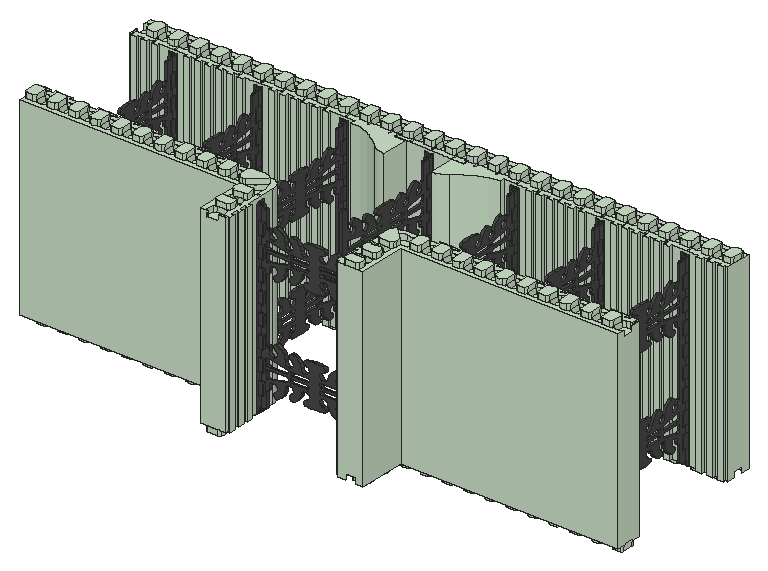
Revit family "ICF- NUDURA 10-inch- Short T Form Unit- Imperial", category Generic Models, Revit 2010 (continued)
Forms (in)
  Extrusion 45, solid, material "NUDURA Expanded Polystyrene Foam Insulation"
    sketch origin (4, -4, 0) x (1, 0, 0) y (0, 1, 0)
      loop
        arc (5.82692, -5.13593) -> (5.95215, -5.04515) -> (6, -4.89806) r 0.25
        line (6, -4.89806) -> (6, -3.9769)
    from 0 to -0.5
  Extrusion 46, void
    sketch origin (7.99998, -0.00002, 0) x (0, -1, 0) y (1, 0, 0)
      loop
        arc (-5.13595, -25.17306) -> (-5.1875, -25.49998) -> (-5.13595, -25.8269) r 1.0625
        arc (-5.13595, -25.8269) -> (-5.04517, -25.95213) -> (-4.89808, -25.99998) r 0.25
        line (-4.89808, -25.99998) -> (-3.97692, -25.99998)
        arc (-3.97692, -25.99998) -> (-3.88568, -25.98274) -> (-3.80702, -25.93338) r 0.25
        arc (-3.80702, -25.93338) -> (-3.78736, -25.92104) -> (-3.76455, -25.91673) r 0.0625
        line (-3.76455, -25.91673) -> (-3.41845, -25.91673) -> (-3.41845, -25.7459) -> (-3.64005, -25.7459)
        arc (-3.64005, -25.7459) -> (-3.68771, -25.72383) -> (-3.70172, -25.67321) r 0.0625
        arc (-3.70172, -25.67321) -> (-3.69045, -25.4209) -> (-3.73905, -25.17306) r 1.0625
        arc (-3.73905, -25.17306) -> (-3.82983, -25.04783) -> (-3.97692, -24.99998) r 0.25
        line (-3.97692, -24.99998) -> (-4.89808, -24.99998)
        arc (-4.89808, -24.99998) -> (-5.04517, -25.04783) -> (-5.13595, -25.17306) r 0.25
    from 18 to 17.5
  Extrusion 47, void
    sketch origin (9.99998, -0.00002, 0) x (0, -1, 0) y (1, 0, 0)
      loop
        arc (-5.13595, -25.17306) -> (-5.1875, -25.49998) -> (-5.13595, -25.8269) r 1.0625
        arc (-5.13595, -25.8269) -> (-5.04517, -25.95213) -> (-4.89808, -25.99998) r 0.25
        line (-4.89808, -25.99998) -> (-3.97692, -25.99998)
        arc (-3.97692, -25.99998) -> (-3.88568, -25.98274) -> (-3.80702, -25.93338) r 0.25
        arc (-3.80702, -25.93338) -> (-3.78736, -25.92104) -> (-3.76455, -25.91673) r 0.0625
        line (-3.76455, -25.91673) -> (-3.41845, -25.91673) -> (-3.41845, -25.7459) -> (-3.64005, -25.7459)
        arc (-3.64005, -25.7459) -> (-3.68771, -25.72383) -> (-3.70172, -25.67321) r 0.0625
        arc (-3.70172, -25.67321) -> (-3.69045, -25.4209) -> (-3.73905, -25.17306) r 1.0625
        arc (-3.73905, -25.17306) -> (-3.82983, -25.04783) -> (-3.97692, -24.99998) r 0.25
        line (-3.97692, -24.99998) -> (-4.89808, -24.99998)
        arc (-4.89808, -24.99998) -> (-5.04517, -25.04783) -> (-5.13595, -25.17306) r 0.25
    from 18 to 17.5
  Extrusion 48, void
    sketch origin (11.99998, -0.00002, 0) x (0, -1, 0) y (1, 0, 0)
      loop
        arc (-5.13595, -25.17306) -> (-5.1875, -25.49998) -> (-5.13595, -25.8269) r 1.0625
        arc (-5.13595, -25.8269) -> (-5.04517, -25.95213) -> (-4.89808, -25.99998) r 0.25
        line (-4.89808, -25.99998) -> (-3.97692, -25.99998)
        arc (-3.97692, -25.99998) -> (-3.88568, -25.98274) -> (-3.80702, -25.93338) r 0.25
        arc (-3.80702, -25.93338) -> (-3.78736, -25.92104) -> (-3.76455, -25.91673) r 0.0625
        line (-3.76455, -25.91673) -> (-3.41845, -25.91673) -> (-3.41845, -25.7459) -> (-3.64005, -25.7459)
        arc (-3.64005, -25.7459) -> (-3.68771, -25.72383) -> (-3.70172, -25.67321) r 0.0625
        arc (-3.70172, -25.67321) -> (-3.69045, -25.4209) -> (-3.73905, -25.17306) r 1.0625
        arc (-3.73905, -25.17306) -> (-3.82983, -25.04783) -> (-3.97692, -24.99998) r 0.25
        line (-3.97692, -24.99998) -> (-4.89808, -24.99998)
        arc (-4.89808, -24.99998) -> (-5.04517, -25.04783) -> (-5.13595, -25.17306) r 0.25
    from 18 to 17.5
  Extrusion 49, void
    sketch origin (13.99998, -0.00002, 0) x (0, -1, 0) y (1, 0, 0)
      loop
        arc (-5.13595, -25.17306) -> (-5.1875, -25.49998) -> (-5.13595, -25.8269) r 1.0625
        arc (-5.13595, -25.8269) -> (-5.04517, -25.95213) -> (-4.89808, -25.99998) r 0.25
        line (-4.89808, -25.99998) -> (-3.97692, -25.99998)
        arc (-3.97692, -25.99998) -> (-3.88568, -25.98274) -> (-3.80702, -25.93338) r 0.25
        arc (-3.80702, -25.93338) -> (-3.78736, -25.92104) -> (-3.76455, -25.91673) r 0.0625
        line (-3.76455, -25.91673) -> (-3.41845, -25.91673) -> (-3.41845, -25.7459) -> (-3.64005, -25.7459)
        arc (-3.64005, -25.7459) -> (-3.68771, -25.72383) -> (-3.70172, -25.67321) r 0.0625
        arc (-3.70172, -25.67321) -> (-3.69045, -25.4209) -> (-3.73905, -25.17306) r 1.0625
        arc (-3.73905, -25.17306) -> (-3.82983, -25.04783) -> (-3.97692, -24.99998) r 0.25
        line (-3.97692, -24.99998) -> (-4.89808, -24.99998)
        arc (-4.89808, -24.99998) -> (-5.04517, -25.04783) -> (-5.13595, -25.17306) r 0.25
    from 18 to 17.5
  Extrusion 50, void
    sketch origin (5.99998, -0.00002, 0) x (0, -1, 0) y (1, 0, 0)
      loop
        arc (-5.13595, -25.17306) -> (-5.1875, -25.49998) -> (-5.13595, -25.8269) r 1.0625
        arc (-5.13595, -25.8269) -> (-5.04517, -25.95213) -> (-4.89808, -25.99998) r 0.25
        line (-4.89808, -25.99998) -> (-3.97692, -25.99998)
        arc (-3.97692, -25.99998) -> (-3.88568, -25.98274) -> (-3.80702, -25.93338) r 0.25
        arc (-3.80702, -25.93338) -> (-3.78736, -25.92104) -> (-3.76455, -25.91673) r 0.0625
        line (-3.76455, -25.91673) -> (-3.41845, -25.91673) -> (-3.41845, -25.7459) -> (-3.64005, -25.7459)
        arc (-3.64005, -25.7459) -> (-3.68771, -25.72383) -> (-3.70172, -25.67321) r 0.0625
        arc (-3.70172, -25.67321) -> (-3.69045, -25.4209) -> (-3.73905, -25.17306) r 1.0625
        arc (-3.73905, -25.17306) -> (-3.82983, -25.04783) -> (-3.97692, -24.99998) r 0.25
        line (-3.97692, -24.99998) -> (-4.89808, -24.99998)
        arc (-4.89808, -24.99998) -> (-5.04517, -25.04783) -> (-5.13595, -25.17306) r 0.25
    from 18 to 17.5
  Extrusion 51, void
    sketch origin (-0.00002, -0.00002, 0) x (0, -1, 0) y (1, 0, 0)
      loop
        arc (-5.13595, -25.17306) -> (-5.1875, -25.49998) -> (-5.13595, -25.8269) r 1.0625
        arc (-5.13595, -25.8269) -> (-5.04517, -25.95213) -> (-4.89808, -25.99998) r 0.25
        line (-4.89808, -25.99998) -> (-3.97692, -25.99998)
        arc (-3.97692, -25.99998) -> (-3.88568, -25.98274) -> (-3.80702, -25.93338) r 0.25
        arc (-3.80702, -25.93338) -> (-3.78736, -25.92104) -> (-3.76455, -25.91673) r 0.0625
        line (-3.76455, -25.91673) -> (-3.41845, -25.91673) -> (-3.41845, -25.7459) -> (-3.64005, -25.7459)
        arc (-3.64005, -25.7459) -> (-3.68771, -25.72383) -> (-3.70172, -25.67321) r 0.0625
        arc (-3.70172, -25.67321) -> (-3.69045, -25.4209) -> (-3.73905, -25.17306) r 1.0625
        arc (-3.73905, -25.17306) -> (-3.82983, -25.04783) -> (-3.97692, -24.99998) r 0.25
        line (-3.97692, -24.99998) -> (-4.89808, -24.99998)
        arc (-4.89808, -24.99998) -> (-5.04517, -25.04783) -> (-5.13595, -25.17306) r 0.25
    from 18 to 17.5
  Extrusion 52, void
    sketch origin (1.99998, -0.00002, 0) x (0, -1, 0) y (1, 0, 0)
      loop
        arc (-5.13595, -25.17306) -> (-5.1875, -25.49998) -> (-5.13595, -25.8269) r 1.0625
        arc (-5.13595, -25.8269) -> (-5.04517, -25.95213) -> (-4.89808, -25.99998) r 0.25
        line (-4.89808, -25.99998) -> (-3.97692, -25.99998)
        arc (-3.97692, -25.99998) -> (-3.88568, -25.98274) -> (-3.80702, -25.93338) r 0.25
        arc (-3.80702, -25.93338) -> (-3.78736, -25.92104) -> (-3.76455, -25.91673) r 0.0625
        line (-3.76455, -25.91673) -> (-3.41845, -25.91673) -> (-3.41845, -25.7459) -> (-3.64005, -25.7459)
        arc (-3.64005, -25.7459) -> (-3.68771, -25.72383) -> (-3.70172, -25.67321) r 0.0625
        arc (-3.70172, -25.67321) -> (-3.69045, -25.4209) -> (-3.73905, -25.17306) r 1.0625
        arc (-3.73905, -25.17306) -> (-3.82983, -25.04783) -> (-3.97692, -24.99998) r 0.25
        line (-3.97692, -24.99998) -> (-4.89808, -24.99998)
        arc (-4.89808, -24.99998) -> (-5.04517, -25.04783) -> (-5.13595, -25.17306) r 0.25
    from 18 to 17.5
  Extrusion 53, void
    sketch origin (3.99998, -0.00002, 0) x (0, -1, 0) y (1, 0, 0)
      loop
        arc (-5.13595, -25.17306) -> (-5.1875, -25.49998) -> (-5.13595, -25.8269) r 1.0625
        arc (-5.13595, -25.8269) -> (-5.04517, -25.95213) -> (-4.89808, -25.99998) r 0.25
        line (-4.89808, -25.99998) -> (-3.97692, -25.99998)
        arc (-3.97692, -25.99998) -> (-3.88568, -25.98274) -> (-3.80702, -25.93338) r 0.25
        arc (-3.80702, -25.93338) -> (-3.78736, -25.92104) -> (-3.76455, -25.91673) r 0.0625
        line (-3.76455, -25.91673) -> (-3.41845, -25.91673) -> (-3.41845, -25.7459) -> (-3.64005, -25.7459)
        arc (-3.64005, -25.7459) -> (-3.68771, -25.72383) -> (-3.70172, -25.67321) r 0.0625
        arc (-3.70172, -25.67321) -> (-3.69045, -25.4209) -> (-3.73905, -25.17306) r 1.0625
        arc (-3.73905, -25.17306) -> (-3.82983, -25.04783) -> (-3.97692, -24.99998) r 0.25
        line (-3.97692, -24.99998) -> (-4.89808, -24.99998)
        arc (-4.89808, -24.99998) -> (-5.04517, -25.04783) -> (-5.13595, -25.17306) r 0.25
    from 18 to 17.5
  Extrusion 54, void
    sketch origin (-35.99998, -3.99998, 0) x (0, 1, 0) y (-1, 0, 0)
      loop
        arc (-5.13595, -25.17306) -> (-5.1875, -25.49998) -> (-5.13595, -25.8269) r 1.0625
        arc (-5.13595, -25.8269) -> (-5.04517, -25.95213) -> (-4.89808, -25.99998) r 0.25
        line (-4.89808, -25.99998) -> (-3.97692, -25.99998)
        arc (-3.97692, -25.99998) -> (-3.88568, -25.98274) -> (-3.80702, -25.93338) r 0.25
        arc (-3.80702, -25.93338) -> (-3.78736, -25.92104) -> (-3.76455, -25.91673) r 0.0625
        line (-3.76455, -25.91673) -> (-3.41845, -25.91673) -> (-3.41845, -25.7459) -> (-3.64005, -25.7459)
        arc (-3.64005, -25.7459) -> (-3.68771, -25.72383) -> (-3.70172, -25.67321) r 0.0625
        arc (-3.70172, -25.67321) -> (-3.69045, -25.4209) -> (-3.73905, -25.17306) r 1.0625
        arc (-3.73905, -25.17306) -> (-3.82983, -25.04783) -> (-3.97692, -24.99998) r 0.25
        line (-3.97692, -24.99998) -> (-4.89808, -24.99998)
        arc (-4.89808, -24.99998) -> (-5.04517, -25.04783) -> (-5.13595, -25.17306) r 0.25
    from 18 to 17.5
  Extrusion 55, void
    sketch origin (-37.99998, -3.99998, 0) x (0, 1, 0) y (-1, 0, 0)
      loop
        arc (-5.13595, -25.17306) -> (-5.1875, -25.49998) -> (-5.13595, -25.8269) r 1.0625
        arc (-5.13595, -25.8269) -> (-5.04517, -25.95213) -> (-4.89808, -25.99998) r 0.25
        line (-4.89808, -25.99998) -> (-3.97692, -25.99998)
        arc (-3.97692, -25.99998) -> (-3.88568, -25.98274) -> (-3.80702, -25.93338) r 0.25
        arc (-3.80702, -25.93338) -> (-3.78736, -25.92104) -> (-3.76455, -25.91673) r 0.0625
        line (-3.76455, -25.91673) -> (-3.41845, -25.91673) -> (-3.41845, -25.7459) -> (-3.64005, -25.7459)
        arc (-3.64005, -25.7459) -> (-3.68771, -25.72383) -> (-3.70172, -25.67321) r 0.0625
        arc (-3.70172, -25.67321) -> (-3.69045, -25.4209) -> (-3.73905, -25.17306) r 1.0625
        arc (-3.73905, -25.17306) -> (-3.82983, -25.04783) -> (-3.97692, -24.99998) r 0.25
        line (-3.97692, -24.99998) -> (-4.89808, -24.99998)
        arc (-4.89808, -24.99998) -> (-5.04517, -25.04783) -> (-5.13595, -25.17306) r 0.25
    from 18 to 17.5
  Extrusion 56, void
    sketch origin (-39.99998, -3.99998, 0) x (0, 1, 0) y (-1, 0, 0)
      loop
        arc (-5.13595, -25.17306) -> (-5.1875, -25.49998) -> (-5.13595, -25.8269) r 1.0625
        arc (-5.13595, -25.8269) -> (-5.04517, -25.95213) -> (-4.89808, -25.99998) r 0.25
        line (-4.89808, -25.99998) -> (-3.97692, -25.99998)
        arc (-3.97692, -25.99998) -> (-3.88568, -25.98274) -> (-3.80702, -25.93338) r 0.25
        arc (-3.80702, -25.93338) -> (-3.78736, -25.92104) -> (-3.76455, -25.91673) r 0.0625
        line (-3.76455, -25.91673) -> (-3.41845, -25.91673) -> (-3.41845, -25.7459) -> (-3.64005, -25.7459)
        arc (-3.64005, -25.7459) -> (-3.68771, -25.72383) -> (-3.70172, -25.67321) r 0.0625
        arc (-3.70172, -25.67321) -> (-3.69045, -25.4209) -> (-3.73905, -25.17306) r 1.0625
        arc (-3.73905, -25.17306) -> (-3.82983, -25.04783) -> (-3.97692, -24.99998) r 0.25
        line (-3.97692, -24.99998) -> (-4.89808, -24.99998)
        arc (-4.89808, -24.99998) -> (-5.04517, -25.04783) -> (-5.13595, -25.17306) r 0.25
    from 18 to 17.5
  Extrusion 57, void
    sketch origin (-41.99998, -3.99998, 0) x (0, 1, 0) y (-1, 0, 0)
      loop
        arc (-5.13595, -25.17306) -> (-5.1875, -25.49998) -> (-5.13595, -25.8269) r 1.0625
        arc (-5.13595, -25.8269) -> (-5.04517, -25.95213) -> (-4.89808, -25.99998) r 0.25
        line (-4.89808, -25.99998) -> (-3.97692, -25.99998)
        arc (-3.97692, -25.99998) -> (-3.88568, -25.98274) -> (-3.80702, -25.93338) r 0.25
        arc (-3.80702, -25.93338) -> (-3.78736, -25.92104) -> (-3.76455, -25.91673) r 0.0625
        line (-3.76455, -25.91673) -> (-3.41845, -25.91673) -> (-3.41845, -25.7459) -> (-3.64005, -25.7459)
        arc (-3.64005, -25.7459) -> (-3.68771, -25.72383) -> (-3.70172, -25.67321) r 0.0625
        arc (-3.70172, -25.67321) -> (-3.69045, -25.4209) -> (-3.73905, -25.17306) r 1.0625
        arc (-3.73905, -25.17306) -> (-3.82983, -25.04783) -> (-3.97692, -24.99998) r 0.25
        line (-3.97692, -24.99998) -> (-4.89808, -24.99998)
        arc (-4.89808, -24.99998) -> (-5.04517, -25.04783) -> (-5.13595, -25.17306) r 0.25
    from 18 to 17.5
  Extrusion 58, void
    sketch origin (-43.99998, -3.99998, 0) x (0, 1, 0) y (-1, 0, 0)
      loop
        arc (-5.13595, -25.17306) -> (-5.1875, -25.49998) -> (-5.13595, -25.8269) r 1.0625
        arc (-5.13595, -25.8269) -> (-5.04517, -25.95213) -> (-4.89808, -25.99998) r 0.25
        line (-4.89808, -25.99998) -> (-3.97692, -25.99998)
        arc (-3.97692, -25.99998) -> (-3.88568, -25.98274) -> (-3.80702, -25.93338) r 0.25
        arc (-3.80702, -25.93338) -> (-3.78736, -25.92104) -> (-3.76455, -25.91673) r 0.0625
        line (-3.76455, -25.91673) -> (-3.41845, -25.91673) -> (-3.41845, -25.7459) -> (-3.64005, -25.7459)
        arc (-3.64005, -25.7459) -> (-3.68771, -25.72383) -> (-3.70172, -25.67321) r 0.0625
        arc (-3.70172, -25.67321) -> (-3.69045, -25.4209) -> (-3.73905, -25.17306) r 1.0625
        arc (-3.73905, -25.17306) -> (-3.82983, -25.04783) -> (-3.97692, -24.99998) r 0.25
        line (-3.97692, -24.99998) -> (-4.89808, -24.99998)
        arc (-4.89808, -24.99998) -> (-5.04517, -25.04783) -> (-5.13595, -25.17306) r 0.25
    from 18 to 17.5
  Extrusion 59, void
    sketch origin (-45.99998, -3.99998, 0) x (0, 1, 0) y (-1, 0, 0)
      loop
        arc (-5.13595, -25.17306) -> (-5.1875, -25.49998) -> (-5.13595, -25.8269) r 1.0625
        arc (-5.13595, -25.8269) -> (-5.04517, -25.95213) -> (-4.89808, -25.99998) r 0.25
        line (-4.89808, -25.99998) -> (-3.97692, -25.99998)
        arc (-3.97692, -25.99998) -> (-3.88568, -25.98274) -> (-3.80702, -25.93338) r 0.25
        arc (-3.80702, -25.93338) -> (-3.78736, -25.92104) -> (-3.76455, -25.91673) r 0.0625
        line (-3.76455, -25.91673) -> (-3.41845, -25.91673) -> (-3.41845, -25.7459) -> (-3.64005, -25.7459)
        arc (-3.64005, -25.7459) -> (-3.68771, -25.72383) -> (-3.70172, -25.67321) r 0.0625
        arc (-3.70172, -25.67321) -> (-3.69045, -25.4209) -> (-3.73905, -25.17306) r 1.0625
        arc (-3.73905, -25.17306) -> (-3.82983, -25.04783) -> (-3.97692, -24.99998) r 0.25
        line (-3.97692, -24.99998) -> (-4.89808, -24.99998)
        arc (-4.89808, -24.99998) -> (-5.04517, -25.04783) -> (-5.13595, -25.17306) r 0.25
    from 18 to 17.5
  Extrusion 60, void
    sketch origin (-47.99998, -3.99998, 0) x (0, 1, 0) y (-1, 0, 0)
      loop
        arc (-5.13595, -25.17306) -> (-5.1875, -25.49998) -> (-5.13595, -25.8269) r 1.0625
        arc (-5.13595, -25.8269) -> (-5.04517, -25.95213) -> (-4.89808, -25.99998) r 0.25
        line (-4.89808, -25.99998) -> (-3.97692, -25.99998)
        arc (-3.97692, -25.99998) -> (-3.88568, -25.98274) -> (-3.80702, -25.93338) r 0.25
        arc (-3.80702, -25.93338) -> (-3.78736, -25.92104) -> (-3.76455, -25.91673) r 0.0625
        line (-3.76455, -25.91673) -> (-3.41845, -25.91673) -> (-3.41845, -25.7459) -> (-3.64005, -25.7459)
        arc (-3.64005, -25.7459) -> (-3.68771, -25.72383) -> (-3.70172, -25.67321) r 0.0625
        arc (-3.70172, -25.67321) -> (-3.69045, -25.4209) -> (-3.73905, -25.17306) r 1.0625
        arc (-3.73905, -25.17306) -> (-3.82983, -25.04783) -> (-3.97692, -24.99998) r 0.25
        line (-3.97692, -24.99998) -> (-4.89808, -24.99998)
        arc (-4.89808, -24.99998) -> (-5.04517, -25.04783) -> (-5.13595, -25.17306) r 0.25
    from 18 to 17.5
  Extrusion 61, void
    sketch origin (-49.99998, -3.99998, 0) x (0, 1, 0) y (-1, 0, 0)
      loop
        arc (-5.13595, -25.17306) -> (-5.1875, -25.49998) -> (-5.13595, -25.8269) r 1.0625
        arc (-5.13595, -25.8269) -> (-5.04517, -25.95213) -> (-4.89808, -25.99998) r 0.25
        line (-4.89808, -25.99998) -> (-3.97692, -25.99998)
        arc (-3.97692, -25.99998) -> (-3.88568, -25.98274) -> (-3.80702, -25.93338) r 0.25
        arc (-3.80702, -25.93338) -> (-3.78736, -25.92104) -> (-3.76455, -25.91673) r 0.0625
        line (-3.76455, -25.91673) -> (-3.41845, -25.91673) -> (-3.41845, -25.7459) -> (-3.64005, -25.7459)
        arc (-3.64005, -25.7459) -> (-3.68771, -25.72383) -> (-3.70172, -25.67321) r 0.0625
        arc (-3.70172, -25.67321) -> (-3.69045, -25.4209) -> (-3.73905, -25.17306) r 1.0625
        arc (-3.73905, -25.17306) -> (-3.82983, -25.04783) -> (-3.97692, -24.99998) r 0.25
        line (-3.97692, -24.99998) -> (-4.89808, -24.99998)
        arc (-4.89808, -24.99998) -> (-5.04517, -25.04783) -> (-5.13595, -25.17306) r 0.25
    from 18 to 17.5
  Extrusion 62, void
    sketch origin (-9.99998, -3.99998, 0) x (0, 1, 0) y (-1, 0, 0)
      loop
        arc (-5.13595, -25.17306) -> (-5.1875, -25.49998) -> (-5.13595, -25.8269) r 1.0625
        arc (-5.13595, -25.8269) -> (-5.04517, -25.95213) -> (-4.89808, -25.99998) r 0.25
        line (-4.89808, -25.99998) -> (-3.97692, -25.99998)
        arc (-3.97692, -25.99998) -> (-3.88568, -25.98274) -> (-3.80702, -25.93338) r 0.25
        arc (-3.80702, -25.93338) -> (-3.78736, -25.92104) -> (-3.76455, -25.91673) r 0.0625
        line (-3.76455, -25.91673) -> (-3.41845, -25.91673) -> (-3.41845, -25.7459) -> (-3.64005, -25.7459)
        arc (-3.64005, -25.7459) -> (-3.68771, -25.72383) -> (-3.70172, -25.67321) r 0.0625
        arc (-3.70172, -25.67321) -> (-3.69045, -25.4209) -> (-3.73905, -25.17306) r 1.0625
        arc (-3.73905, -25.17306) -> (-3.82983, -25.04783) -> (-3.97692, -24.99998) r 0.25
        line (-3.97692, -24.99998) -> (-4.89808, -24.99998)
        arc (-4.89808, -24.99998) -> (-5.04517, -25.04783) -> (-5.13595, -25.17306) r 0.25
    from 18 to 17.5
  Extrusion 63, void
    sketch origin (-7.99998, -3.99998, 0) x (0, 1, 0) y (-1, 0, 0)
      loop
        arc (-5.13595, -25.17306) -> (-5.1875, -25.49998) -> (-5.13595, -25.8269) r 1.0625
        arc (-5.13595, -25.8269) -> (-5.04517, -25.95213) -> (-4.89808, -25.99998) r 0.25
        line (-4.89808, -25.99998) -> (-3.97692, -25.99998)
        arc (-3.97692, -25.99998) -> (-3.88568, -25.98274) -> (-3.80702, -25.93338) r 0.25
        arc (-3.80702, -25.93338) -> (-3.78736, -25.92104) -> (-3.76455, -25.91673) r 0.0625
        line (-3.76455, -25.91673) -> (-3.41845, -25.91673) -> (-3.41845, -25.7459) -> (-3.64005, -25.7459)
        arc (-3.64005, -25.7459) -> (-3.68771, -25.72383) -> (-3.70172, -25.67321) r 0.0625
        arc (-3.70172, -25.67321) -> (-3.69045, -25.4209) -> (-3.73905, -25.17306) r 1.0625
        arc (-3.73905, -25.17306) -> (-3.82983, -25.04783) -> (-3.97692, -24.99998) r 0.25
        line (-3.97692, -24.99998) -> (-4.89808, -24.99998)
        arc (-4.89808, -24.99998) -> (-5.04517, -25.04783) -> (-5.13595, -25.17306) r 0.25
    from 18 to 17.5
  Extrusion 64, void
    sketch origin (-5.99998, -3.99998, 0) x (0, 1, 0) y (-1, 0, 0)
      loop
        arc (-5.13595, -25.17306) -> (-5.1875, -25.49998) -> (-5.13595, -25.8269) r 1.0625
        arc (-5.13595, -25.8269) -> (-5.04517, -25.95213) -> (-4.89808, -25.99998) r 0.25
        line (-4.89808, -25.99998) -> (-3.97692, -25.99998)
        arc (-3.97692, -25.99998) -> (-3.88568, -25.98274) -> (-3.80702, -25.93338) r 0.25
        arc (-3.80702, -25.93338) -> (-3.78736, -25.92104) -> (-3.76455, -25.91673) r 0.0625
        line (-3.76455, -25.91673) -> (-3.41845, -25.91673) -> (-3.41845, -25.7459) -> (-3.64005, -25.7459)
        arc (-3.64005, -25.7459) -> (-3.68771, -25.72383) -> (-3.70172, -25.67321) r 0.0625
        arc (-3.70172, -25.67321) -> (-3.69045, -25.4209) -> (-3.73905, -25.17306) r 1.0625
        arc (-3.73905, -25.17306) -> (-3.82983, -25.04783) -> (-3.97692, -24.99998) r 0.25
        line (-3.97692, -24.99998) -> (-4.89808, -24.99998)
        arc (-4.89808, -24.99998) -> (-5.04517, -25.04783) -> (-5.13595, -25.17306) r 0.25
    from 18 to 17.5
  Extrusion 65, void
    sketch origin (-3.99998, -3.99998, 0) x (0, 1, 0) y (-1, 0, 0)
      loop
        arc (-5.13595, -25.17306) -> (-5.1875, -25.49998) -> (-5.13595, -25.8269) r 1.0625
        arc (-5.13595, -25.8269) -> (-5.04517, -25.95213) -> (-4.89808, -25.99998) r 0.25
        line (-4.89808, -25.99998) -> (-3.97692, -25.99998)
        arc (-3.97692, -25.99998) -> (-3.88568, -25.98274) -> (-3.80702, -25.93338) r 0.25
        arc (-3.80702, -25.93338) -> (-3.78736, -25.92104) -> (-3.76455, -25.91673) r 0.0625
        line (-3.76455, -25.91673) -> (-3.41845, -25.91673) -> (-3.41845, -25.7459) -> (-3.64005, -25.7459)
        arc (-3.64005, -25.7459) -> (-3.68771, -25.72383) -> (-3.70172, -25.67321) r 0.0625
        arc (-3.70172, -25.67321) -> (-3.69045, -25.4209) -> (-3.73905, -25.17306) r 1.0625
        arc (-3.73905, -25.17306) -> (-3.82983, -25.04783) -> (-3.97692, -24.99998) r 0.25
        line (-3.97692, -24.99998) -> (-4.89808, -24.99998)
        arc (-4.89808, -24.99998) -> (-5.04517, -25.04783) -> (-5.13595, -25.17306) r 0.25
    from 18 to 17.5
  Extrusion 66, void
    sketch origin (-1.99998, -3.99998, 0) x (0, 1, 0) y (-1, 0, 0)
      loop
        arc (-5.13595, -25.17306) -> (-5.1875, -25.49998) -> (-5.13595, -25.8269) r 1.0625
        arc (-5.13595, -25.8269) -> (-5.04517, -25.95213) -> (-4.89808, -25.99998) r 0.25
        line (-4.89808, -25.99998) -> (-3.97692, -25.99998)
        arc (-3.97692, -25.99998) -> (-3.88568, -25.98274) -> (-3.80702, -25.93338) r 0.25
        arc (-3.80702, -25.93338) -> (-3.78736, -25.92104) -> (-3.76455, -25.91673) r 0.0625
        line (-3.76455, -25.91673) -> (-3.41845, -25.91673) -> (-3.41845, -25.7459) -> (-3.64005, -25.7459)
        arc (-3.64005, -25.7459) -> (-3.68771, -25.72383) -> (-3.70172, -25.67321) r 0.0625
        arc (-3.70172, -25.67321) -> (-3.69045, -25.4209) -> (-3.73905, -25.17306) r 1.0625
        arc (-3.73905, -25.17306) -> (-3.82983, -25.04783) -> (-3.97692, -24.99998) r 0.25
        line (-3.97692, -24.99998) -> (-4.89808, -24.99998)
        arc (-4.89808, -24.99998) -> (-5.04517, -25.04783) -> (-5.13595, -25.17306) r 0.25
    from 18 to 17.5
  Extrusion 67, void
    sketch origin (0.00002, -3.99998, 0) x (0, 1, 0) y (-1, 0, 0)
      loop
        arc (-5.13595, -25.17306) -> (-5.1875, -25.49998) -> (-5.13595, -25.8269) r 1.0625
        arc (-5.13595, -25.8269) -> (-5.04517, -25.95213) -> (-4.89808, -25.99998) r 0.25
        line (-4.89808, -25.99998) -> (-3.97692, -25.99998)
        arc (-3.97692, -25.99998) -> (-3.88568, -25.98274) -> (-3.80702, -25.93338) r 0.25
        arc (-3.80702, -25.93338) -> (-3.78736, -25.92104) -> (-3.76455, -25.91673) r 0.0625
        line (-3.76455, -25.91673) -> (-3.41845, -25.91673) -> (-3.41845, -25.7459) -> (-3.64005, -25.7459)
        arc (-3.64005, -25.7459) -> (-3.68771, -25.72383) -> (-3.70172, -25.67321) r 0.0625
        arc (-3.70172, -25.67321) -> (-3.69045, -25.4209) -> (-3.73905, -25.17306) r 1.0625
        arc (-3.73905, -25.17306) -> (-3.82983, -25.04783) -> (-3.97692, -24.99998) r 0.25
        line (-3.97692, -24.99998) -> (-4.89808, -24.99998)
        arc (-4.89808, -24.99998) -> (-5.04517, -25.04783) -> (-5.13595, -25.17306) r 0.25
    from 18 to 17.5
  Extrusion 68, void
    sketch origin (2.00002, -3.99998, 0) x (0, 1, 0) y (-1, 0, 0)
      loop
        arc (-5.13595, -25.17306) -> (-5.1875, -25.49998) -> (-5.13595, -25.8269) r 1.0625
        arc (-5.13595, -25.8269) -> (-5.04517, -25.95213) -> (-4.89808, -25.99998) r 0.25
        line (-4.89808, -25.99998) -> (-3.97692, -25.99998)
        arc (-3.97692, -25.99998) -> (-3.88568, -25.98274) -> (-3.80702, -25.93338) r 0.25
        arc (-3.80702, -25.93338) -> (-3.78736, -25.92104) -> (-3.76455, -25.91673) r 0.0625
        line (-3.76455, -25.91673) -> (-3.41845, -25.91673) -> (-3.41845, -25.7459) -> (-3.64005, -25.7459)
        arc (-3.64005, -25.7459) -> (-3.68771, -25.72383) -> (-3.70172, -25.67321) r 0.0625
        arc (-3.70172, -25.67321) -> (-3.69045, -25.4209) -> (-3.73905, -25.17306) r 1.0625
        arc (-3.73905, -25.17306) -> (-3.82983, -25.04783) -> (-3.97692, -24.99998) r 0.25
        line (-3.97692, -24.99998) -> (-4.89808, -24.99998)
        arc (-4.89808, -24.99998) -> (-5.04517, -25.04783) -> (-5.13595, -25.17306) r 0.25
    from 18 to 17.5
  Extrusion 69, void
    sketch origin (4.00002, -3.99998, 0) x (0, 1, 0) y (-1, 0, 0)
      loop
        arc (-5.13595, -25.17306) -> (-5.1875, -25.49998) -> (-5.13595, -25.8269) r 1.0625
        arc (-5.13595, -25.8269) -> (-5.04517, -25.95213) -> (-4.89808, -25.99998) r 0.25
        line (-4.89808, -25.99998) -> (-3.97692, -25.99998)
        arc (-3.97692, -25.99998) -> (-3.88568, -25.98274) -> (-3.80702, -25.93338) r 0.25
        arc (-3.80702, -25.93338) -> (-3.78736, -25.92104) -> (-3.76455, -25.91673) r 0.0625
        line (-3.76455, -25.91673) -> (-3.41845, -25.91673) -> (-3.41845, -25.7459) -> (-3.64005, -25.7459)
        arc (-3.64005, -25.7459) -> (-3.68771, -25.72383) -> (-3.70172, -25.67321) r 0.0625
        arc (-3.70172, -25.67321) -> (-3.69045, -25.4209) -> (-3.73905, -25.17306) r 1.0625
        arc (-3.73905, -25.17306) -> (-3.82983, -25.04783) -> (-3.97692, -24.99998) r 0.25
        line (-3.97692, -24.99998) -> (-4.89808, -24.99998)
        arc (-4.89808, -24.99998) -> (-5.04517, -25.04783) -> (-5.13595, -25.17306) r 0.25
    from 18 to 17.5
  Extrusion 70, void
    sketch origin (37.99998, -0.00002, 0) x (0, -1, 0) y (1, 0, 0)
      loop
        arc (-5.13595, -25.17306) -> (-5.1875, -25.49998) -> (-5.13595, -25.8269) r 1.0625
        arc (-5.13595, -25.8269) -> (-5.04517, -25.95213) -> (-4.89808, -25.99998) r 0.25
        line (-4.89808, -25.99998) -> (-3.97692, -25.99998)
        arc (-3.97692, -25.99998) -> (-3.88568, -25.98274) -> (-3.80702, -25.93338) r 0.25
        arc (-3.80702, -25.93338) -> (-3.78736, -25.92104) -> (-3.76455, -25.91673) r 0.0625
        line (-3.76455, -25.91673) -> (-3.41845, -25.91673) -> (-3.41845, -25.7459) -> (-3.64005, -25.7459)
        arc (-3.64005, -25.7459) -> (-3.68771, -25.72383) -> (-3.70172, -25.67321) r 0.0625
        arc (-3.70172, -25.67321) -> (-3.69045, -25.4209) -> (-3.73905, -25.17306) r 1.0625
        arc (-3.73905, -25.17306) -> (-3.82983, -25.04783) -> (-3.97692, -24.99998) r 0.25
        line (-3.97692, -24.99998) -> (-4.89808, -24.99998)
        arc (-4.89808, -24.99998) -> (-5.04517, -25.04783) -> (-5.13595, -25.17306) r 0.25
    from 18 to 17.5
  Extrusion 71, void
    sketch origin (39.99998, -0.00002, 0) x (0, -1, 0) y (1, 0, 0)
      loop
        arc (-5.13595, -25.17306) -> (-5.1875, -25.49998) -> (-5.13595, -25.8269) r 1.0625
        arc (-5.13595, -25.8269) -> (-5.04517, -25.95213) -> (-4.89808, -25.99998) r 0.25
        line (-4.89808, -25.99998) -> (-3.97692, -25.99998)
        arc (-3.97692, -25.99998) -> (-3.88568, -25.98274) -> (-3.80702, -25.93338) r 0.25
        arc (-3.80702, -25.93338) -> (-3.78736, -25.92104) -> (-3.76455, -25.91673) r 0.0625
        line (-3.76455, -25.91673) -> (-3.41845, -25.91673) -> (-3.41845, -25.7459) -> (-3.64005, -25.7459)
        arc (-3.64005, -25.7459) -> (-3.68771, -25.72383) -> (-3.70172, -25.67321) r 0.0625
        arc (-3.70172, -25.67321) -> (-3.69045, -25.4209) -> (-3.73905, -25.17306) r 1.0625
        arc (-3.73905, -25.17306) -> (-3.82983, -25.04783) -> (-3.97692, -24.99998) r 0.25
        line (-3.97692, -24.99998) -> (-4.89808, -24.99998)
        arc (-4.89808, -24.99998) -> (-5.04517, -25.04783) -> (-5.13595, -25.17306) r 0.25
    from 18 to 17.5
  Extrusion 72, void
    sketch origin (41.99998, -0.00002, 0) x (0, -1, 0) y (1, 0, 0)
      loop
        arc (-5.13595, -25.17306) -> (-5.1875, -25.49998) -> (-5.13595, -25.8269) r 1.0625
        arc (-5.13595, -25.8269) -> (-5.04517, -25.95213) -> (-4.89808, -25.99998) r 0.25
        line (-4.89808, -25.99998) -> (-3.97692, -25.99998)
        arc (-3.97692, -25.99998) -> (-3.88568, -25.98274) -> (-3.80702, -25.93338) r 0.25
        arc (-3.80702, -25.93338) -> (-3.78736, -25.92104) -> (-3.76455, -25.91673) r 0.0625
        line (-3.76455, -25.91673) -> (-3.41845, -25.91673) -> (-3.41845, -25.7459) -> (-3.64005, -25.7459)
        arc (-3.64005, -25.7459) -> (-3.68771, -25.72383) -> (-3.70172, -25.67321) r 0.0625
        arc (-3.70172, -25.67321) -> (-3.69045, -25.4209) -> (-3.73905, -25.17306) r 1.0625
        arc (-3.73905, -25.17306) -> (-3.82983, -25.04783) -> (-3.97692, -24.99998) r 0.25
        line (-3.97692, -24.99998) -> (-4.89808, -24.99998)
        arc (-4.89808, -24.99998) -> (-5.04517, -25.04783) -> (-5.13595, -25.17306) r 0.25
    from 18 to 17.5
  Extrusion 73, void
    sketch origin (43.99998, -0.00002, 0) x (0, -1, 0) y (1, 0, 0)
      loop
        arc (-5.13595, -25.17306) -> (-5.1875, -25.49998) -> (-5.13595, -25.8269) r 1.0625
        arc (-5.13595, -25.8269) -> (-5.04517, -25.95213) -> (-4.89808, -25.99998) r 0.25
        line (-4.89808, -25.99998) -> (-3.97692, -25.99998)
        arc (-3.97692, -25.99998) -> (-3.88568, -25.98274) -> (-3.80702, -25.93338) r 0.25
        arc (-3.80702, -25.93338) -> (-3.78736, -25.92104) -> (-3.76455, -25.91673) r 0.0625
        line (-3.76455, -25.91673) -> (-3.41845, -25.91673) -> (-3.41845, -25.7459) -> (-3.64005, -25.7459)
        arc (-3.64005, -25.7459) -> (-3.68771, -25.72383) -> (-3.70172, -25.67321) r 0.0625
        arc (-3.70172, -25.67321) -> (-3.69045, -25.4209) -> (-3.73905, -25.17306) r 1.0625
        arc (-3.73905, -25.17306) -> (-3.82983, -25.04783) -> (-3.97692, -24.99998) r 0.25
        line (-3.97692, -24.99998) -> (-4.89808, -24.99998)
        arc (-4.89808, -24.99998) -> (-5.04517, -25.04783) -> (-5.13595, -25.17306) r 0.25
    from 18 to 17.5
  Extrusion 74, void
    sketch origin (45.99998, -0.00002, 0) x (0, -1, 0) y (1, 0, 0)
      loop
        arc (-5.13595, -25.17306) -> (-5.1875, -25.49998) -> (-5.13595, -25.8269) r 1.0625
        arc (-5.13595, -25.8269) -> (-5.04517, -25.95213) -> (-4.89808, -25.99998) r 0.25
        line (-4.89808, -25.99998) -> (-3.97692, -25.99998)
        arc (-3.97692, -25.99998) -> (-3.88568, -25.98274) -> (-3.80702, -25.93338) r 0.25
        arc (-3.80702, -25.93338) -> (-3.78736, -25.92104) -> (-3.76455, -25.91673) r 0.0625
        line (-3.76455, -25.91673) -> (-3.41845, -25.91673) -> (-3.41845, -25.7459) -> (-3.64005, -25.7459)
        arc (-3.64005, -25.7459) -> (-3.68771, -25.72383) -> (-3.70172, -25.67321) r 0.0625
        arc (-3.70172, -25.67321) -> (-3.69045, -25.4209) -> (-3.73905, -25.17306) r 1.0625
        arc (-3.73905, -25.17306) -> (-3.82983, -25.04783) -> (-3.97692, -24.99998) r 0.25
        line (-3.97692, -24.99998) -> (-4.89808, -24.99998)
        arc (-4.89808, -24.99998) -> (-5.04517, -25.04783) -> (-5.13595, -25.17306) r 0.25
    from 18 to 17.5
  Extrusion 75, void
    sketch origin (47.99998, -0.00002, 0) x (0, -1, 0) y (1, 0, 0)
      loop
        arc (-5.13595, -25.17306) -> (-5.1875, -25.49998) -> (-5.13595, -25.8269) r 1.0625
        arc (-5.13595, -25.8269) -> (-5.04517, -25.95213) -> (-4.89808, -25.99998) r 0.25
        line (-4.89808, -25.99998) -> (-3.97692, -25.99998)
        arc (-3.97692, -25.99998) -> (-3.88568, -25.98274) -> (-3.80702, -25.93338) r 0.25
        arc (-3.80702, -25.93338) -> (-3.78736, -25.92104) -> (-3.76455, -25.91673) r 0.0625
        line (-3.76455, -25.91673) -> (-3.41845, -25.91673) -> (-3.41845, -25.7459) -> (-3.64005, -25.7459)
        arc (-3.64005, -25.7459) -> (-3.68771, -25.72383) -> (-3.70172, -25.67321) r 0.0625
        arc (-3.70172, -25.67321) -> (-3.69045, -25.4209) -> (-3.73905, -25.17306) r 1.0625
        arc (-3.73905, -25.17306) -> (-3.82983, -25.04783) -> (-3.97692, -24.99998) r 0.25
        line (-3.97692, -24.99998) -> (-4.89808, -24.99998)
        arc (-4.89808, -24.99998) -> (-5.04517, -25.04783) -> (-5.13595, -25.17306) r 0.25
    from 18 to 17.5
  Extrusion 76, void
    sketch origin (49.99998, -0.00002, 0) x (0, -1, 0) y (1, 0, 0)
      loop
        arc (-5.13595, -25.17306) -> (-5.1875, -25.49998) -> (-5.13595, -25.8269) r 1.0625
        arc (-5.13595, -25.8269) -> (-5.04517, -25.95213) -> (-4.89808, -25.99998) r 0.25
        line (-4.89808, -25.99998) -> (-3.97692, -25.99998)
        arc (-3.97692, -25.99998) -> (-3.88568, -25.98274) -> (-3.80702, -25.93338) r 0.25
        arc (-3.80702, -25.93338) -> (-3.78736, -25.92104) -> (-3.76455, -25.91673) r 0.0625
        line (-3.76455, -25.91673) -> (-3.41845, -25.91673) -> (-3.41845, -25.7459) -> (-3.64005, -25.7459)
        arc (-3.64005, -25.7459) -> (-3.68771, -25.72383) -> (-3.70172, -25.67321) r 0.0625
        arc (-3.70172, -25.67321) -> (-3.69045, -25.4209) -> (-3.73905, -25.17306) r 1.0625
        arc (-3.73905, -25.17306) -> (-3.82983, -25.04783) -> (-3.97692, -24.99998) r 0.25
        line (-3.97692, -24.99998) -> (-4.89808, -24.99998)
        arc (-4.89808, -24.99998) -> (-5.04517, -25.04783) -> (-5.13595, -25.17306) r 0.25
    from 18 to 17.5
  Extrusion 77, void
    sketch origin (35.99998, -0.00002, 0) x (0, -1, 0) y (1, 0, 0)
      loop
        arc (-5.13595, -25.17306) -> (-5.1875, -25.49998) -> (-5.13595, -25.8269) r 1.0625
        arc (-5.13595, -25.8269) -> (-5.04517, -25.95213) -> (-4.89808, -25.99998) r 0.25
        line (-4.89808, -25.99998) -> (-3.97692, -25.99998)
        arc (-3.97692, -25.99998) -> (-3.88568, -25.98274) -> (-3.80702, -25.93338) r 0.25
        arc (-3.80702, -25.93338) -> (-3.78736, -25.92104) -> (-3.76455, -25.91673) r 0.0625
        line (-3.76455, -25.91673) -> (-3.41845, -25.91673) -> (-3.41845, -25.7459) -> (-3.64005, -25.7459)
        arc (-3.64005, -25.7459) -> (-3.68771, -25.72383) -> (-3.70172, -25.67321) r 0.0625
        arc (-3.70172, -25.67321) -> (-3.69045, -25.4209) -> (-3.73905, -25.17306) r 1.0625
        arc (-3.73905, -25.17306) -> (-3.82983, -25.04783) -> (-3.97692, -24.99998) r 0.25
        line (-3.97692, -24.99998) -> (-4.89808, -24.99998)
        arc (-4.89808, -24.99998) -> (-5.04517, -25.04783) -> (-5.13595, -25.17306) r 0.25
    from 18 to 17.5
  Extrusion 78, void
    sketch origin (13.99998, -3.99998, 0) x (0, 1, 0) y (-1, 0, 0)
      loop
        arc (-5.13595, 25.17306) -> (-5.04517, 25.04783) -> (-4.89808, 24.99998) r 0.25
        line (-4.89808, 24.99998) -> (-3.97692, 24.99998)
        arc (-3.97692, 24.99998) -> (-3.82983, 25.04783) -> (-3.73905, 25.17306) r 0.25
        arc (-3.73905, 25.17306) -> (-3.69045, 25.4209) -> (-3.70172, 25.67321) r 1.0625
        arc (-3.70172, 25.67321) -> (-3.68771, 25.72383) -> (-3.64005, 25.7459) r 0.0625
        line (-3.64005, 25.7459) -> (-3.41845, 25.7459) -> (-3.41845, 25.91673) -> (-3.76455, 25.91673)
        arc (-3.76455, 25.91673) -> (-3.78736, 25.92104) -> (-3.80702, 25.93338) r 0.0625
        arc (-3.80702, 25.93338) -> (-3.88568, 25.98274) -> (-3.97692, 25.99998) r 0.25
        line (-3.97692, 25.99998) -> (-4.89808, 25.99998)
        arc (-4.89808, 25.99998) -> (-5.04517, 25.95213) -> (-5.13595, 25.8269) r 0.25
        arc (-5.13595, 25.8269) -> (-5.1875, 25.49998) -> (-5.13595, 25.17306) r 1.0625
    from 0 to 0.5
  Extrusion 79, void
    sketch origin (11.99998, -3.99998, 0) x (0, 1, 0) y (-1, 0, 0)
      loop
        arc (-5.13595, 25.17306) -> (-5.04517, 25.04783) -> (-4.89808, 24.99998) r 0.25
        line (-4.89808, 24.99998) -> (-3.97692, 24.99998)
        arc (-3.97692, 24.99998) -> (-3.82983, 25.04783) -> (-3.73905, 25.17306) r 0.25
        arc (-3.73905, 25.17306) -> (-3.69045, 25.4209) -> (-3.70172, 25.67321) r 1.0625
        arc (-3.70172, 25.67321) -> (-3.68771, 25.72383) -> (-3.64005, 25.7459) r 0.0625
        line (-3.64005, 25.7459) -> (-3.41845, 25.7459) -> (-3.41845, 25.91673) -> (-3.76455, 25.91673)
        arc (-3.76455, 25.91673) -> (-3.78736, 25.92104) -> (-3.80702, 25.93338) r 0.0625
        arc (-3.80702, 25.93338) -> (-3.88568, 25.98274) -> (-3.97692, 25.99998) r 0.25
        line (-3.97692, 25.99998) -> (-4.89808, 25.99998)
        arc (-4.89808, 25.99998) -> (-5.04517, 25.95213) -> (-5.13595, 25.8269) r 0.25
        arc (-5.13595, 25.8269) -> (-5.1875, 25.49998) -> (-5.13595, 25.17306) r 1.0625
    from 0 to 0.5
  Extrusion 80, void
    sketch origin (9.99998, -3.99998, 0) x (0, 1, 0) y (-1, 0, 0)
      loop
        arc (-5.13595, 25.17306) -> (-5.04517, 25.04783) -> (-4.89808, 24.99998) r 0.25
        line (-4.89808, 24.99998) -> (-3.97692, 24.99998)
        arc (-3.97692, 24.99998) -> (-3.82983, 25.04783) -> (-3.73905, 25.17306) r 0.25
        arc (-3.73905, 25.17306) -> (-3.69045, 25.4209) -> (-3.70172, 25.67321) r 1.0625
        arc (-3.70172, 25.67321) -> (-3.68771, 25.72383) -> (-3.64005, 25.7459) r 0.0625
        line (-3.64005, 25.7459) -> (-3.41845, 25.7459) -> (-3.41845, 25.91673) -> (-3.76455, 25.91673)
        arc (-3.76455, 25.91673) -> (-3.78736, 25.92104) -> (-3.80702, 25.93338) r 0.0625
        arc (-3.80702, 25.93338) -> (-3.88568, 25.98274) -> (-3.97692, 25.99998) r 0.25
        line (-3.97692, 25.99998) -> (-4.89808, 25.99998)
        arc (-4.89808, 25.99998) -> (-5.04517, 25.95213) -> (-5.13595, 25.8269) r 0.25
        arc (-5.13595, 25.8269) -> (-5.1875, 25.49998) -> (-5.13595, 25.17306) r 1.0625
    from 0 to 0.5
  Extrusion 81, void
    sketch origin (7.99998, -3.99998, 0) x (0, 1, 0) y (-1, 0, 0)
      loop
        arc (-5.13595, 25.17306) -> (-5.04517, 25.04783) -> (-4.89808, 24.99998) r 0.25
        line (-4.89808, 24.99998) -> (-3.97692, 24.99998)
        arc (-3.97692, 24.99998) -> (-3.82983, 25.04783) -> (-3.73905, 25.17306) r 0.25
        arc (-3.73905, 25.17306) -> (-3.69045, 25.4209) -> (-3.70172, 25.67321) r 1.0625
        arc (-3.70172, 25.67321) -> (-3.68771, 25.72383) -> (-3.64005, 25.7459) r 0.0625
        line (-3.64005, 25.7459) -> (-3.41845, 25.7459) -> (-3.41845, 25.91673) -> (-3.76455, 25.91673)
        arc (-3.76455, 25.91673) -> (-3.78736, 25.92104) -> (-3.80702, 25.93338) r 0.0625
        arc (-3.80702, 25.93338) -> (-3.88568, 25.98274) -> (-3.97692, 25.99998) r 0.25
        line (-3.97692, 25.99998) -> (-4.89808, 25.99998)
        arc (-4.89808, 25.99998) -> (-5.04517, 25.95213) -> (-5.13595, 25.8269) r 0.25
        arc (-5.13595, 25.8269) -> (-5.1875, 25.49998) -> (-5.13595, 25.17306) r 1.0625
    from 0 to 0.5
  Extrusion 82, void
    sketch origin (5.99998, -3.99998, 0) x (0, 1, 0) y (-1, 0, 0)
      loop
        arc (-5.13595, 25.17306) -> (-5.04517, 25.04783) -> (-4.89808, 24.99998) r 0.25
        line (-4.89808, 24.99998) -> (-3.97692, 24.99998)
        arc (-3.97692, 24.99998) -> (-3.82983, 25.04783) -> (-3.73905, 25.17306) r 0.25
        arc (-3.73905, 25.17306) -> (-3.69045, 25.4209) -> (-3.70172, 25.67321) r 1.0625
        arc (-3.70172, 25.67321) -> (-3.68771, 25.72383) -> (-3.64005, 25.7459) r 0.0625
        line (-3.64005, 25.7459) -> (-3.41845, 25.7459) -> (-3.41845, 25.91673) -> (-3.76455, 25.91673)
        arc (-3.76455, 25.91673) -> (-3.78736, 25.92104) -> (-3.80702, 25.93338) r 0.0625
        arc (-3.80702, 25.93338) -> (-3.88568, 25.98274) -> (-3.97692, 25.99998) r 0.25
        line (-3.97692, 25.99998) -> (-4.89808, 25.99998)
        arc (-4.89808, 25.99998) -> (-5.04517, 25.95213) -> (-5.13595, 25.8269) r 0.25
        arc (-5.13595, 25.8269) -> (-5.1875, 25.49998) -> (-5.13595, 25.17306) r 1.0625
    from 0 to 0.5
  Extrusion 83, void
    sketch origin (3.99998, -3.99998, 0) x (0, 1, 0) y (-1, 0, 0)
      loop
        arc (-5.13595, 25.17306) -> (-5.04517, 25.04783) -> (-4.89808, 24.99998) r 0.25
        line (-4.89808, 24.99998) -> (-3.97692, 24.99998)
        arc (-3.97692, 24.99998) -> (-3.82983, 25.04783) -> (-3.73905, 25.17306) r 0.25
        arc (-3.73905, 25.17306) -> (-3.69045, 25.4209) -> (-3.70172, 25.67321) r 1.0625
        arc (-3.70172, 25.67321) -> (-3.68771, 25.72383) -> (-3.64005, 25.7459) r 0.0625
        line (-3.64005, 25.7459) -> (-3.41845, 25.7459) -> (-3.41845, 25.91673) -> (-3.76455, 25.91673)
        arc (-3.76455, 25.91673) -> (-3.78736, 25.92104) -> (-3.80702, 25.93338) r 0.0625
        arc (-3.80702, 25.93338) -> (-3.88568, 25.98274) -> (-3.97692, 25.99998) r 0.25
        line (-3.97692, 25.99998) -> (-4.89808, 25.99998)
        arc (-4.89808, 25.99998) -> (-5.04517, 25.95213) -> (-5.13595, 25.8269) r 0.25
        arc (-5.13595, 25.8269) -> (-5.1875, 25.49998) -> (-5.13595, 25.17306) r 1.0625
    from 0 to 0.5
  Extrusion 84, void
    sketch origin (1.99998, -3.99998, 0) x (0, 1, 0) y (-1, 0, 0)
      loop
        arc (-5.13595, 25.17306) -> (-5.04517, 25.04783) -> (-4.89808, 24.99998) r 0.25
        line (-4.89808, 24.99998) -> (-3.97692, 24.99998)
        arc (-3.97692, 24.99998) -> (-3.82983, 25.04783) -> (-3.73905, 25.17306) r 0.25
        arc (-3.73905, 25.17306) -> (-3.69045, 25.4209) -> (-3.70172, 25.67321) r 1.0625
        arc (-3.70172, 25.67321) -> (-3.68771, 25.72383) -> (-3.64005, 25.7459) r 0.0625
        line (-3.64005, 25.7459) -> (-3.41845, 25.7459) -> (-3.41845, 25.91673) -> (-3.76455, 25.91673)
        arc (-3.76455, 25.91673) -> (-3.78736, 25.92104) -> (-3.80702, 25.93338) r 0.0625
        arc (-3.80702, 25.93338) -> (-3.88568, 25.98274) -> (-3.97692, 25.99998) r 0.25
        line (-3.97692, 25.99998) -> (-4.89808, 25.99998)
        arc (-4.89808, 25.99998) -> (-5.04517, 25.95213) -> (-5.13595, 25.8269) r 0.25
        arc (-5.13595, 25.8269) -> (-5.1875, 25.49998) -> (-5.13595, 25.17306) r 1.0625
    from 0 to 0.5
  Extrusion 85, void
    sketch origin (-0.00002, -3.99998, 0) x (0, 1, 0) y (-1, 0, 0)
      loop
        arc (-5.13595, 25.17306) -> (-5.04517, 25.04783) -> (-4.89808, 24.99998) r 0.25
        line (-4.89808, 24.99998) -> (-3.97692, 24.99998)
        arc (-3.97692, 24.99998) -> (-3.82983, 25.04783) -> (-3.73905, 25.17306) r 0.25
        arc (-3.73905, 25.17306) -> (-3.69045, 25.4209) -> (-3.70172, 25.67321) r 1.0625
        arc (-3.70172, 25.67321) -> (-3.68771, 25.72383) -> (-3.64005, 25.7459) r 0.0625
        line (-3.64005, 25.7459) -> (-3.41845, 25.7459) -> (-3.41845, 25.91673) -> (-3.76455, 25.91673)
        arc (-3.76455, 25.91673) -> (-3.78736, 25.92104) -> (-3.80702, 25.93338) r 0.0625
        arc (-3.80702, 25.93338) -> (-3.88568, 25.98274) -> (-3.97692, 25.99998) r 0.25
        line (-3.97692, 25.99998) -> (-4.89808, 25.99998)
        arc (-4.89808, 25.99998) -> (-5.04517, 25.95213) -> (-5.13595, 25.8269) r 0.25
        arc (-5.13595, 25.8269) -> (-5.1875, 25.49998) -> (-5.13595, 25.17306) r 1.0625
    from 0 to 0.5
  Extrusion 86, void
    sketch origin (39.99998, -3.99998, 0) x (0, 1, 0) y (-1, 0, 0)
      loop
        arc (-5.13595, 25.17306) -> (-5.04517, 25.04783) -> (-4.89808, 24.99998) r 0.25
        line (-4.89808, 24.99998) -> (-3.97692, 24.99998)
        arc (-3.97692, 24.99998) -> (-3.82983, 25.04783) -> (-3.73905, 25.17306) r 0.25
        arc (-3.73905, 25.17306) -> (-3.69045, 25.4209) -> (-3.70172, 25.67321) r 1.0625
        arc (-3.70172, 25.67321) -> (-3.68771, 25.72383) -> (-3.64005, 25.7459) r 0.0625
        line (-3.64005, 25.7459) -> (-3.41845, 25.7459) -> (-3.41845, 25.91673) -> (-3.76455, 25.91673)
        arc (-3.76455, 25.91673) -> (-3.78736, 25.92104) -> (-3.80702, 25.93338) r 0.0625
        arc (-3.80702, 25.93338) -> (-3.88568, 25.98274) -> (-3.97692, 25.99998) r 0.25
        line (-3.97692, 25.99998) -> (-4.89808, 25.99998)
        arc (-4.89808, 25.99998) -> (-5.04517, 25.95213) -> (-5.13595, 25.8269) r 0.25
        arc (-5.13595, 25.8269) -> (-5.1875, 25.49998) -> (-5.13595, 25.17306) r 1.0625
    from 0 to 0.5
  Extrusion 87, void
    sketch origin (41.99998, -3.99998, 0) x (0, 1, 0) y (-1, 0, 0)
      loop
        arc (-5.13595, 25.17306) -> (-5.04517, 25.04783) -> (-4.89808, 24.99998) r 0.25
        line (-4.89808, 24.99998) -> (-3.97692, 24.99998)
        arc (-3.97692, 24.99998) -> (-3.82983, 25.04783) -> (-3.73905, 25.17306) r 0.25
        arc (-3.73905, 25.17306) -> (-3.69045, 25.4209) -> (-3.70172, 25.67321) r 1.0625
        arc (-3.70172, 25.67321) -> (-3.68771, 25.72383) -> (-3.64005, 25.7459) r 0.0625
        line (-3.64005, 25.7459) -> (-3.41845, 25.7459) -> (-3.41845, 25.91673) -> (-3.76455, 25.91673)
        arc (-3.76455, 25.91673) -> (-3.78736, 25.92104) -> (-3.80702, 25.93338) r 0.0625
        arc (-3.80702, 25.93338) -> (-3.88568, 25.98274) -> (-3.97692, 25.99998) r 0.25
        line (-3.97692, 25.99998) -> (-4.89808, 25.99998)
        arc (-4.89808, 25.99998) -> (-5.04517, 25.95213) -> (-5.13595, 25.8269) r 0.25
        arc (-5.13595, 25.8269) -> (-5.1875, 25.49998) -> (-5.13595, 25.17306) r 1.0625
    from 0 to 0.5
  Extrusion 88, void
    sketch origin (43.99998, -3.99998, 0) x (0, 1, 0) y (-1, 0, 0)
      loop
        arc (-5.13595, 25.17306) -> (-5.04517, 25.04783) -> (-4.89808, 24.99998) r 0.25
        line (-4.89808, 24.99998) -> (-3.97692, 24.99998)
        arc (-3.97692, 24.99998) -> (-3.82983, 25.04783) -> (-3.73905, 25.17306) r 0.25
        arc (-3.73905, 25.17306) -> (-3.69045, 25.4209) -> (-3.70172, 25.67321) r 1.0625
        arc (-3.70172, 25.67321) -> (-3.68771, 25.72383) -> (-3.64005, 25.7459) r 0.0625
        line (-3.64005, 25.7459) -> (-3.41845, 25.7459) -> (-3.41845, 25.91673) -> (-3.76455, 25.91673)
        arc (-3.76455, 25.91673) -> (-3.78736, 25.92104) -> (-3.80702, 25.93338) r 0.0625
        arc (-3.80702, 25.93338) -> (-3.88568, 25.98274) -> (-3.97692, 25.99998) r 0.25
        line (-3.97692, 25.99998) -> (-4.89808, 25.99998)
        arc (-4.89808, 25.99998) -> (-5.04517, 25.95213) -> (-5.13595, 25.8269) r 0.25
        arc (-5.13595, 25.8269) -> (-5.1875, 25.49998) -> (-5.13595, 25.17306) r 1.0625
    from 0 to 0.5
  Extrusion 89, void
    sketch origin (45.99998, -3.99998, 0) x (0, 1, 0) y (-1, 0, 0)
      loop
        arc (-5.13595, 25.17306) -> (-5.04517, 25.04783) -> (-4.89808, 24.99998) r 0.25
        line (-4.89808, 24.99998) -> (-3.97692, 24.99998)
        arc (-3.97692, 24.99998) -> (-3.82983, 25.04783) -> (-3.73905, 25.17306) r 0.25
        arc (-3.73905, 25.17306) -> (-3.69045, 25.4209) -> (-3.70172, 25.67321) r 1.0625
        arc (-3.70172, 25.67321) -> (-3.68771, 25.72383) -> (-3.64005, 25.7459) r 0.0625
        line (-3.64005, 25.7459) -> (-3.41845, 25.7459) -> (-3.41845, 25.91673) -> (-3.76455, 25.91673)
        arc (-3.76455, 25.91673) -> (-3.78736, 25.92104) -> (-3.80702, 25.93338) r 0.0625
        arc (-3.80702, 25.93338) -> (-3.88568, 25.98274) -> (-3.97692, 25.99998) r 0.25
        line (-3.97692, 25.99998) -> (-4.89808, 25.99998)
        arc (-4.89808, 25.99998) -> (-5.04517, 25.95213) -> (-5.13595, 25.8269) r 0.25
        arc (-5.13595, 25.8269) -> (-5.1875, 25.49998) -> (-5.13595, 25.17306) r 1.0625
    from 0 to 0.5
  Extrusion 90, void
    sketch origin (47.99998, -3.99998, 0) x (0, 1, 0) y (-1, 0, 0)
      loop
        arc (-5.13595, 25.17306) -> (-5.04517, 25.04783) -> (-4.89808, 24.99998) r 0.25
        line (-4.89808, 24.99998) -> (-3.97692, 24.99998)
        arc (-3.97692, 24.99998) -> (-3.82983, 25.04783) -> (-3.73905, 25.17306) r 0.25
        arc (-3.73905, 25.17306) -> (-3.69045, 25.4209) -> (-3.70172, 25.67321) r 1.0625
        arc (-3.70172, 25.67321) -> (-3.68771, 25.72383) -> (-3.64005, 25.7459) r 0.0625
        line (-3.64005, 25.7459) -> (-3.41845, 25.7459) -> (-3.41845, 25.91673) -> (-3.76455, 25.91673)
        arc (-3.76455, 25.91673) -> (-3.78736, 25.92104) -> (-3.80702, 25.93338) r 0.0625
        arc (-3.80702, 25.93338) -> (-3.88568, 25.98274) -> (-3.97692, 25.99998) r 0.25
        line (-3.97692, 25.99998) -> (-4.89808, 25.99998)
        arc (-4.89808, 25.99998) -> (-5.04517, 25.95213) -> (-5.13595, 25.8269) r 0.25
        arc (-5.13595, 25.8269) -> (-5.1875, 25.49998) -> (-5.13595, 25.17306) r 1.0625
    from 0 to 0.5
  Extrusion 91, void
    sketch origin (49.99998, -3.99998, 0) x (0, 1, 0) y (-1, 0, 0)
      loop
        arc (-5.13595, 25.17306) -> (-5.04517, 25.04783) -> (-4.89808, 24.99998) r 0.25
        line (-4.89808, 24.99998) -> (-3.97692, 24.99998)
        arc (-3.97692, 24.99998) -> (-3.82983, 25.04783) -> (-3.73905, 25.17306) r 0.25
        arc (-3.73905, 25.17306) -> (-3.69045, 25.4209) -> (-3.70172, 25.67321) r 1.0625
        arc (-3.70172, 25.67321) -> (-3.68771, 25.72383) -> (-3.64005, 25.7459) r 0.0625
        line (-3.64005, 25.7459) -> (-3.41845, 25.7459) -> (-3.41845, 25.91673) -> (-3.76455, 25.91673)
        arc (-3.76455, 25.91673) -> (-3.78736, 25.92104) -> (-3.80702, 25.93338) r 0.0625
        arc (-3.80702, 25.93338) -> (-3.88568, 25.98274) -> (-3.97692, 25.99998) r 0.25
        line (-3.97692, 25.99998) -> (-4.89808, 25.99998)
        arc (-4.89808, 25.99998) -> (-5.04517, 25.95213) -> (-5.13595, 25.8269) r 0.25
        arc (-5.13595, 25.8269) -> (-5.1875, 25.49998) -> (-5.13595, 25.17306) r 1.0625
    from 0 to 0.5
  Extrusion 92, void
    sketch origin (51.99998, -3.99998, 0) x (0, 1, 0) y (-1, 0, 0)
      loop
        arc (-5.13595, 25.17306) -> (-5.04517, 25.04783) -> (-4.89808, 24.99998) r 0.25
        line (-4.89808, 24.99998) -> (-3.97692, 24.99998)
        arc (-3.97692, 24.99998) -> (-3.82983, 25.04783) -> (-3.73905, 25.17306) r 0.25
        arc (-3.73905, 25.17306) -> (-3.69045, 25.4209) -> (-3.70172, 25.67321) r 1.0625
        arc (-3.70172, 25.67321) -> (-3.68771, 25.72383) -> (-3.64005, 25.7459) r 0.0625
        line (-3.64005, 25.7459) -> (-3.41845, 25.7459) -> (-3.41845, 25.91673) -> (-3.76455, 25.91673)
        arc (-3.76455, 25.91673) -> (-3.78736, 25.92104) -> (-3.80702, 25.93338) r 0.0625
        arc (-3.80702, 25.93338) -> (-3.88568, 25.98274) -> (-3.97692, 25.99998) r 0.25
        line (-3.97692, 25.99998) -> (-4.89808, 25.99998)
        arc (-4.89808, 25.99998) -> (-5.04517, 25.95213) -> (-5.13595, 25.8269) r 0.25
        arc (-5.13595, 25.8269) -> (-5.1875, 25.49998) -> (-5.13595, 25.17306) r 1.0625
    from 0 to 0.5
  Extrusion 93, void
    sketch origin (53.99998, -3.99998, 0) x (0, 1, 0) y (-1, 0, 0)
      loop
        arc (-5.13595, 25.17306) -> (-5.04517, 25.04783) -> (-4.89808, 24.99998) r 0.25
        line (-4.89808, 24.99998) -> (-3.97692, 24.99998)
        arc (-3.97692, 24.99998) -> (-3.82983, 25.04783) -> (-3.73905, 25.17306) r 0.25
        arc (-3.73905, 25.17306) -> (-3.69045, 25.4209) -> (-3.70172, 25.67321) r 1.0625
        arc (-3.70172, 25.67321) -> (-3.68771, 25.72383) -> (-3.64005, 25.7459) r 0.0625
        line (-3.64005, 25.7459) -> (-3.41845, 25.7459) -> (-3.41845, 25.91673) -> (-3.76455, 25.91673)
        arc (-3.76455, 25.91673) -> (-3.78736, 25.92104) -> (-3.80702, 25.93338) r 0.0625
        arc (-3.80702, 25.93338) -> (-3.88568, 25.98274) -> (-3.97692, 25.99998) r 0.25
        line (-3.97692, 25.99998) -> (-4.89808, 25.99998)
        arc (-4.89808, 25.99998) -> (-5.04517, 25.95213) -> (-5.13595, 25.8269) r 0.25
        arc (-5.13595, 25.8269) -> (-5.1875, 25.49998) -> (-5.13595, 25.17306) r 1.0625
    from 0 to 0.5
  Extrusion 94, void
    sketch origin (-13.99998, -0.00002, 0) x (0, -1, 0) y (1, 0, 0)
      loop
        arc (-5.13595, 25.17306) -> (-5.04517, 25.04783) -> (-4.89808, 24.99998) r 0.25
        line (-4.89808, 24.99998) -> (-3.97692, 24.99998)
        arc (-3.97692, 24.99998) -> (-3.82983, 25.04783) -> (-3.73905, 25.17306) r 0.25
        arc (-3.73905, 25.17306) -> (-3.69045, 25.4209) -> (-3.70172, 25.67321) r 1.0625
        arc (-3.70172, 25.67321) -> (-3.68771, 25.72383) -> (-3.64005, 25.7459) r 0.0625
        line (-3.64005, 25.7459) -> (-3.41845, 25.7459) -> (-3.41845, 25.91673) -> (-3.76455, 25.91673)
        arc (-3.76455, 25.91673) -> (-3.78736, 25.92104) -> (-3.80702, 25.93338) r 0.0625
        arc (-3.80702, 25.93338) -> (-3.88568, 25.98274) -> (-3.97692, 25.99998) r 0.25
        line (-3.97692, 25.99998) -> (-4.89808, 25.99998)
        arc (-4.89808, 25.99998) -> (-5.04517, 25.95213) -> (-5.13595, 25.8269) r 0.25
        arc (-5.13595, 25.8269) -> (-5.1875, 25.49998) -> (-5.13595, 25.17306) r 1.0625
    from 0 to 0.5
  Extrusion 95, void
    sketch origin (-11.99998, -0.00002, 0) x (0, -1, 0) y (1, 0, 0)
      loop
        arc (-5.13595, 25.17306) -> (-5.04517, 25.04783) -> (-4.89808, 24.99998) r 0.25
        line (-4.89808, 24.99998) -> (-3.97692, 24.99998)
        arc (-3.97692, 24.99998) -> (-3.82983, 25.04783) -> (-3.73905, 25.17306) r 0.25
        arc (-3.73905, 25.17306) -> (-3.69045, 25.4209) -> (-3.70172, 25.67321) r 1.0625
        arc (-3.70172, 25.67321) -> (-3.68771, 25.72383) -> (-3.64005, 25.7459) r 0.0625
        line (-3.64005, 25.7459) -> (-3.41845, 25.7459) -> (-3.41845, 25.91673) -> (-3.76455, 25.91673)
        arc (-3.76455, 25.91673) -> (-3.78736, 25.92104) -> (-3.80702, 25.93338) r 0.0625
